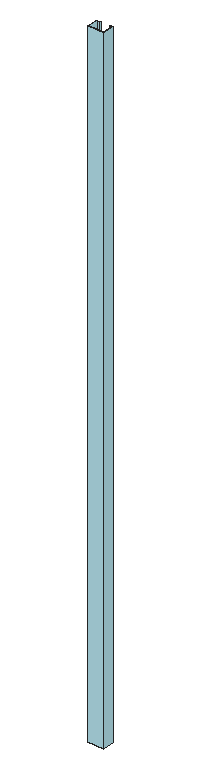
Revit family "リップ付チャンネルAS-25", category 機械設備, Revit 2020
Family settings
  丸型コネクタ寸法 = 直径を使用
  種別 = なし
  パーツ タイプ = 標準
  作業面ベース = いいえ
  常に垂直 = はい
  ロード時にボイドで切り取り = いいえ
  共有 = いいえ
  部屋計算ポイント = いいえ
Parameters
  製造元 = "株式会社桐井製作所"
  既定の高さ = 0 mm
  URL = "https://www.kirii.co.jp/"
  K_長さ(mm) [instance] = 1000 mm
  K_外形寸法(mm) = "25×19×5×1.0"
  K_品名 = "リップ付チャンネルAS-25"
  K_名称 = "斜め部材(ブレース材 ）"
  K_バージョン情報 = "20210714"
Reference planes
  plane 1 "中心(正面/背面)": y = 0
  plane 2: z = 0
  plane 3 "中心(左/右)": x = 0
  plane 4: x = 12.5
  plane 5: x = -12.5
  plane 6: z = 1000
  plane 7: y = 19
Forms (mm)
  Extrusion 1, solid
    sketch origin (0, 0, 0) x (1, 0, 0) y (0, 1, 0)
      loop
        line (-12.5, 19) -> (-12.5, 0) -> (12.5, 0) -> (12.5, 19) -> (7.5, 19) -> (7.5, 18) -> (11.5, 18) -> (11.5, 1) -> (-11.5, 1) -> (-11.5, 18) -> (-7.5, 18) -> (-7.5, 19) -> (-12.5, 19)
    from 0 to 1000
Dimensions and locks
  "K_長さ(mm)": plane 6 to plane 2
  aligned and locked: level to plane 2
  aligned and locked: plane 6 to Extrusion 1
Automatic sketch dimensions
  plane 1 "中心(正面/背面)" to Extrusion 1 sketch curve = 0 mm
  Extrusion 1 sketch curve to plane 5 = 0 mm
  Extrusion 1 sketch curve to plane 4 = 0 mm
  plane 5 to Extrusion 1 sketch curve = 1 mm
  Extrusion 1 sketch curve to Extrusion 1 sketch curve = 4 mm
  Extrusion 1 sketch curve to Extrusion 1 sketch curve = 5 mm
  Extrusion 1 sketch curve to plane 4 = 1 mm
  Extrusion 1 sketch curve to plane 1 "中心(正面/背面)" = 1 mm
  Extrusion 1 sketch curve to Extrusion 1 sketch curve = 17 mm  (x2)
  Extrusion 1 sketch curve to Extrusion 1 sketch curve = 1 mm  (x2)
